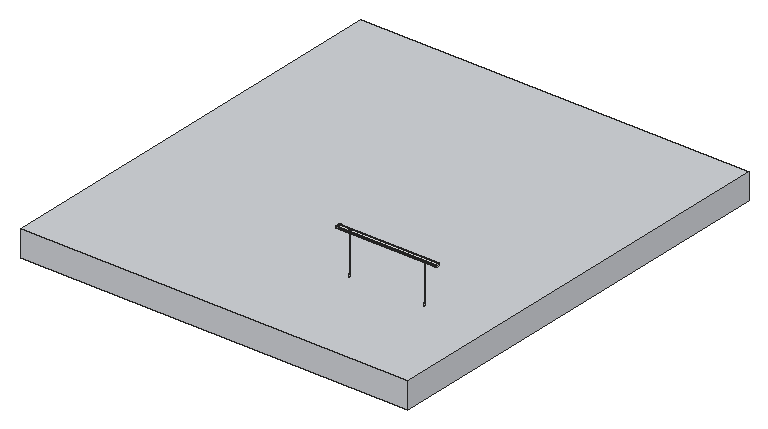
Revit family "ARKOSLIGHT_Divi direct end", category Luminarias, Revit 2019
Family settings
  Anfitrión = Cara
  Cota de conector redondo = Diámetro de uso
  Tipo de pieza = Normal
  Corte con vacíos al cargar = No
  Origen de luz = No
  Compartido = No
  Punto de cálculo de habitación = No
Parameters (values of type "A5380131WT - DIVI DIRECT END 3000K WT")
  User cable length [instance] = 500 mm
  URL = "https://www.arkoslight.com/en/products/divi/?child=dividir"
  Modelo = ARKOSLIGHT_Model  # "DIVI"
  Fabricante = "ARKOSLIGHT"  # constant formula
  IES = IES : A5380131WT - DIVI DIRECT END 3000K WT
  Description = ""
  Cable length [instance] = if(User cable length > 2000 mm, 2000 mm, if(User cable length < 200 mm, 200 mm, User cable length))  # 500 mm
  ARKOSLIGHT_IP = "20"
  ARKOSLIGHT_Series = "DIVI DIRECT MODULE"  # constant formula
  ARKOSLIGHT_Dimming = "No Dim / DALI / Push"
  ARKOSLIGHT_Model = "DIVI"  # constant formula
  ARKOSLIGHT_Reference = "A5380131WT"
  ARKOSLIGHT_Luminous flux = 1650 lm
  ARKOSLIGHT_IES = "A538-01-3-1-WT DIVI DIRECT END 3000K CRI90.ies"
  ARKOSLIGHT_Color = "Textured white"
  ARKOSLIGHT_Cable_Color = ARKOSLIGHT_White
  ARKOSLIGHT_Fixture Type = "CUSTOM SYSTEMS"  # constant formula
  ARKOSLIGHT_Efficiency = "58%"
  ARKOSLIGHT_CCT = 3000 K
  ARKOSLIGHT_CRI = "CRI>90"
  ARKOSLIGHT_Body_Secondary_Color = ARKOSLIGHT_White
  ARKOSLIGHT_Beam Angle = 115.00°
  ARKOSLIGHT_Body_Color = ARKOSLIGHT_Textured white
  Default Elevation = 0 mm
  Carga aparente = ARKOSLIGHT_Apparent Load  # 13.5 VA
  ARKOSLIGHT_Apparent Load = 13.5 VA
Types (2, lengths in mm): name | IES | ARKOSLIGHT_Reference | ARKOSLIGHT_IES | ARKOSLIGHT_Color | ARKOSLIGHT_Cable_Color | ARKOSLIGHT_Efficiency | ARKOSLIGHT_Body_Secondary_Color | ARKOSLIGHT_Body_Color
  A5380131NT - DIVI DIRECT END 3000K NT | IES : A5380131NT - DIVI DIRECT END 3000K NT | "A5380131NT" | "A538-01-3-1-NT DIVI DIRECT END 3000K CRI90.ies" | "Textured black" | ARKOSLIGHT_Black | "51%" | ARKOSLIGHT_Black | ARKOSLIGHT_Textured black
  A5380131WT - DIVI DIRECT END 3000K WT | IES : A5380131WT - DIVI DIRECT END 3000K WT | "A5380131WT" | "A538-01-3-1-WT DIVI DIRECT END 3000K CRI90.ies" | "Textured white" | ARKOSLIGHT_White | "58%" | ARKOSLIGHT_White | ARKOSLIGHT_Textured white
Reference planes
  plane 1 "Center (Front/Back)": y = 0
  plane 2: z = 0
  plane 3 "Center (Left/Right)": x = 0
  plane 4: x = 600
  plane 5: x = -600
  plane 6 "Bottom": z = 500
  plane 7: z = 467.929
  plane 8 "Right connector": x = 448
  plane 9 "Left connector": x = -448
  plane 10: x = -592.835
  plane 11: x = -599.5
  plane 12: x = -597.55
  plane 13: x = 592.8
  plane 14: x = 597.5
  plane 15: x = 599.5
  plane 16: y = 21.9
  plane 17: y = -21.9
  plane 18: x = -594.47
  plane 19: x = 594.47
Forms (mm)
  Extrusion 1, solid
    sketch origin (0, 0, 0) x (1, 0, 0) y (0, 1, 0)
      loop
        line (-3414.25, 3876) -> (-3414.25, -1219.2) -> (1219.2, -1219.2) -> (1219.2, 3876) -> (-3414.25, 3876)
    from 0 to -304.8
  Revolve 2, solid, material "ARKOSLIGHT_Textured white" <- "ARKOSLIGHT_Body_Color"
    sketch origin (-249.517, 0, 1966) x (1, 0, 0) y (0, 0, -1)
      loop
        line (698.717, 1940.969) -> (702.427, 1940.969) -> (702.427, 1966) -> (697.517, 1966) -> (697.517, 1936.471) -> (698.717, 1936.471) -> (698.717, 1940.969)
      axis (697.517, 1936.471) -> (697.517, 1966)
    angle from 0 to 360
  Extrusion 3, solid, material "ARKOSLIGHT_Textured white" <- "ARKOSLIGHT_Body_Color"
    sketch origin (-600, -221.408, 1219.2) x (0, -1, 0) y (0, 0, -1)
      loop
        line (-199.508, 719.2) -> (-199.508, 729.371)
        arc (-199.508, 729.371) -> (-221.408, 751.271) -> (-243.308, 729.371) r 21.9
        line (-243.308, 729.371) -> (-243.308, 719.2) -> (-241.808, 719.2) -> (-241.808, 729.371)
        arc (-241.808, 729.371) -> (-221.408, 749.771) -> (-201.008, 729.371) r 20.4
        line (-201.008, 729.371) -> (-201.008, 719.2) -> (-199.508, 719.2)
    from 0 to 1200
  Extrusion 4, solid, material "ARKOSLIGHT_White" <- "ARKOSLIGHT_Body_Secondary_Color"
    sketch origin (-599.5, -221.408, 1219.2) x (0, -1, 0) y (0, 0, -1)
      loop
        line (-201.308, 719.2) -> (-201.308, 729.371)
        arc (-201.308, 729.371) -> (-221.408, 749.471) -> (-241.508, 729.371) r 20.1
        line (-241.508, 729.371) -> (-241.508, 719.2) -> (-201.308, 719.2)
    from 0 to 1.95
  Extrusion 5, solid, material "ARKOSLIGHT_White" <- "ARKOSLIGHT_Body_Secondary_Color"
    sketch origin (-599.5, -221.408, 1219.2) x (0, -1, 0) y (0, 0, -1)
      loop
        line (-201.318, 719.2) -> (-201.318, 720.552) -> (-241.497, 720.552) -> (-241.497, 719.2) -> (-201.318, 719.2)
    from 0 to 6.665
  Extrusion 6, solid, material "ARKOSLIGHT_White" <- "ARKOSLIGHT_Body_Secondary_Color"
    sketch origin (599.5, -221.408, 1219.2) x (0, -1, 0) y (0, 0, 1)
      loop
        line (-201.308, -719.2) -> (-241.508, -719.2) -> (-241.508, -729.371)
        arc (-241.508, -729.371) -> (-221.408, -749.471) -> (-201.308, -729.371) r 20.1
        line (-201.308, -729.371) -> (-201.308, -719.2)
    from 0 to 2
  Extrusion 7, solid, material "ARKOSLIGHT_White" <- "ARKOSLIGHT_Body_Secondary_Color"
    sketch origin (599.5, -221.408, 1219.2) x (0, -1, 0) y (0, 0, 1)
      loop
        line (-201.318, -719.2) -> (-241.497, -719.2) -> (-241.497, -720.552) -> (-201.318, -720.552) -> (-201.318, -719.2)
    from 0 to 6.7
  Extrusion 8, solid, material "ARKOSLIGHT_Light"
    sketch origin (-594.47, -221.408, 1219.2) x (0, -1, 0) y (0, 0, -1)
      loop
        line (-241.497, 720.787) -> (-201.012, 720.787) -> (-201.012, 722.287) -> (-241.497, 722.287) -> (-241.497, 720.787)
    from 0 to 1188.94
  Extrusion 9, solid, material "ARKOSLIGHT_White" <- "ARKOSLIGHT_Cable_Color"
    sketch origin (0, 0, 0) x (1, 0, 0) y (0, 1, 0)
      loop
        circle (448, 0) r 0.3
    from 29.529 to 467.929
  Revolve 10, void
    sketch origin (-896, 0, 0) x (1, 0, 0) y (0, 0, 1)
      loop
        line (448, 496.913) -> (460.4, 496.913) -> (460.4, 498.413) -> (448, 498.413) -> (448, 496.913)
      axis (448, 496.913) -> (448, 498.413)
    angle from 0 to 360
  Revolve 11, solid, material "ARKOSLIGHT_White"
    sketch origin (-896, 0, 0) x (1, 0, 0) y (0, 0, 1)
      loop
        line (448, 493.02) -> (448, 484.52) -> (461.53, 484.52) -> (461.53, 496.97) -> (458.537, 496.97) -> (458.537, 498.47) -> (457.589, 498.47) -> (457.589, 486.97) -> (453.978, 486.97) -> (453.978, 493.02) -> (448, 493.02)
      axis (448, 484.52) -> (448, 498.47)
    angle from 0 to 360
  Revolve 12, solid, material "ARKOSLIGHT_Textured white" <- "ARKOSLIGHT_Body_Color"
    sketch origin (-1145.517, 0, 1966) x (1, 0, 0) y (0, 0, -1)
      loop
        line (698.717, 1940.969) -> (702.427, 1940.969) -> (702.427, 1966) -> (697.517, 1966) -> (697.517, 1936.471) -> (698.717, 1936.471) -> (698.717, 1940.969)
      axis (697.517, 1936.471) -> (697.517, 1966)
    angle from 0 to 360
  Extrusion 13, solid, material "ARKOSLIGHT_White" <- "ARKOSLIGHT_Cable_Color"
    sketch origin (-896, 0, 0) x (1, 0, 0) y (0, 1, 0)
      loop
        circle (448, 0) r 0.3
    from 29.529 to 467.929
Cuts and joins
  joined: Extrusion 4, Extrusion 5
  Revolve 10 cuts Extrusion 8
  joined: Extrusion 6, Extrusion 7
Dimensions and locks
  locked: plane 5 to plane 4 at 1200
  "Cable length": plane 6 "Bottom" to plane 2
  equal spacing: plane 5, plane 3 "Center (Left/Right)", plane 4
  locked: plane 6 "Bottom" to plane 7 at 32.071
  locked: plane 5 to plane 11 at 0.5
  locked: plane 5 to plane 12 at 2.45
  locked: plane 5 to plane 10 at 7.165
  locked: plane 15 to plane 4 at 0.5
  locked: plane 14 to plane 4 at 2.5
  locked: plane 13 to plane 4 at 7.2
  locked: Revolve 2 sketch curve to plane 2 at 25.031
  locked: Revolve 2 sketch curve to plane 2 at 29.529
  locked: plane 8 "Right connector" to Revolve 2 sketch curve at 1.2
  locked: plane 8 "Right connector" to Revolve 2 sketch curve at 4.91
  equal spacing: plane 17, plane 1 "Center (Front/Back)", plane 16
  locked: plane 16 to plane 17 at 43.8
  locked: plane 17 to Extrusion 3 sketch curve at 1.5
  locked: Extrusion 3 sketch curve to plane 16 at 1.5
  locked: Extrusion 4 sketch curve to plane 16 at 1.8
  locked: plane 17 to Extrusion 4 sketch curve at 1.8
  locked: Extrusion 5 sketch curve to plane 17 at 1.81
  locked: plane 16 to Extrusion 5 sketch curve at 1.81
  locked: plane 6 "Bottom" to Extrusion 5 sketch curve at 1.352
  locked: plane 6 "Bottom" to Extrusion 7 sketch curve at 1.352
  locked: plane 16 to Extrusion 7 sketch curve at 1.81
  locked: Extrusion 7 sketch curve to plane 17 at 1.81
  locked: plane 16 to Extrusion 6 sketch curve at 1.8
  locked: Extrusion 6 sketch curve to plane 17 at 1.8
  locked: Extrusion 8 sketch curve to plane 17 at 1.505
  locked: plane 16 to Extrusion 8 sketch curve at 1.81
  locked: plane 6 "Bottom" to Extrusion 8 sketch curve at 1.587
  locked: plane 6 "Bottom" to Extrusion 8 sketch curve at 3.087
  locked: plane 5 to plane 18 at 5.53
  locked: plane 19 to plane 4 at 5.53
  locked: Extrusion 9 to plane 2 at 29.529
  locked: plane 9 "Left connector" to plane 8 "Right connector" at 896
  equal spacing: plane 9 "Left connector", plane 3 "Center (Left/Right)", plane 8 "Right connector"
  locked: Revolve 10 sketch curve to plane 9 "Left connector" at 12.4
  locked: Revolve 11 sketch curve to plane 9 "Left connector" at 13.53
  locked: Revolve 11 sketch curve to plane 9 "Left connector" at 5.978
  locked: Revolve 11 sketch curve to plane 9 "Left connector" at 9.589
  locked: Revolve 11 sketch curve to plane 9 "Left connector" at 10.537
  locked: Revolve 12 sketch curve to plane 2 at 25.031
  locked: Revolve 12 sketch curve to plane 2 at 29.529
  locked: Extrusion 13 to plane 2 at 29.529
  locked: Revolve 12 sketch curve to plane 9 "Left connector" at 4.91
  locked: Revolve 12 sketch curve to plane 9 "Left connector" at 1.2
  aligned and locked: plane 2 to Extrusion 1
  aligned and locked: level to Extrusion 1
  aligned and locked: plane 8 "Right connector" to Revolve 2 sketch curve
  aligned and locked: Revolve 2 sketch curve to plane 8 "Right connector"
  aligned and locked: plane 17 to Extrusion 3 sketch curve
  aligned and locked: Extrusion 3 sketch curve to plane 16
  aligned and locked: Extrusion 3 sketch curve to plane 6 "Bottom"  (x2)
  aligned and locked: Extrusion 3 to plane 4
  aligned and locked: Extrusion 3 to plane 5
  aligned and locked: Extrusion 4 sketch curve to plane 6 "Bottom"
  aligned and locked: plane 12 to Extrusion 4
  aligned and locked: plane 6 "Bottom" to Extrusion 5 sketch curve
  aligned and locked: plane 10 to Extrusion 5
  aligned and locked: plane 13 to Extrusion 7
  aligned and locked: plane 6 "Bottom" to Extrusion 7 sketch curve
  aligned and locked: plane 14 to Extrusion 6
  aligned and locked: plane 6 "Bottom" to Extrusion 6 sketch curve
  aligned and locked: Extrusion 8 to plane 19
  aligned and locked: plane 1 "Center (Front/Back)" to Extrusion 9 sketch curve
  aligned and locked: plane 7 to Extrusion 9
  aligned and locked: Revolve 10 sketch curve to plane 9 "Left connector"
  aligned and locked: plane 9 "Left connector" to Revolve 10 sketch curve
  aligned and locked: Revolve 11 sketch curve to plane 9 "Left connector"  (x2)
  aligned and locked: Revolve 12 sketch curve to plane 9 "Left connector"
  aligned and locked: plane 9 "Left connector" to Revolve 12 sketch curve
  aligned and locked: plane 7 to Extrusion 13
  aligned and locked: plane 9 "Left connector" to Extrusion 13 sketch curve
  aligned and locked: plane 1 "Center (Front/Back)" to Extrusion 13 sketch curve
Automatic sketch dimensions
  Extrusion 1 sketch curve to Extrusion 1 sketch curve = 4633.45 mm
  Extrusion 1 sketch curve to Extrusion 1 sketch curve = 5095.2 mm
  Revolve 2 sketch curve to level = 0 mm
  Revolve 2 sketch curve to plane 6 "Bottom" = 270.8 mm
  level to Revolve 2 sketch curve = 1448.333 mm
  Extrusion 3 sketch curve to Extrusion 3 sketch curve = 0 mm
  Extrusion 3 sketch curve to Extrusion 3 sketch curve = 10.171 mm
  Extrusion 4 sketch curve to Extrusion 4 sketch curve = 10.171 mm
  Extrusion 6 sketch curve to plane 6 "Bottom" = 10.171 mm
  Extrusion 9 sketch curve to plane 8 "Right connector" = 0 mm
  Revolve 10 sketch curve to plane 6 "Bottom" = 3.087 mm
  Revolve 10 sketch curve to Revolve 10 sketch curve = 1.5 mm
  Revolve 10 sketch curve to level = 304.8 mm
  plane 6 "Bottom" to Revolve 10 sketch curve = 2225.9 mm
  Revolve 11 sketch curve to plane 6 "Bottom" = 15.48 mm
  Revolve 11 sketch curve to Revolve 11 sketch curve = 2.45 mm
  Revolve 11 sketch curve to plane 6 "Bottom" = 6.98 mm
  Revolve 11 sketch curve to plane 6 "Bottom" = 3.03 mm
  Revolve 11 sketch curve to plane 6 "Bottom" = 1.53 mm
  Revolve 11 sketch curve to level = 304.8 mm
  plane 6 "Bottom" to Revolve 11 sketch curve = 2225.9 mm
  Revolve 12 sketch curve to level = 0 mm
  Revolve 12 sketch curve to plane 6 "Bottom" = 270.8 mm
  level to Revolve 12 sketch curve = 1448.333 mm
  radius of Extrusion 9 sketch curve = 0.3 mm
  radius of Extrusion 13 sketch curve = 0.3 mm
Nested families
  nested 1: "IES" at (0, 0, 500) x (-1, 0, 0) z (0, 0, 1), type <- "IES", type "A5380131WT - DIVI DIRECT END 3000K WT"
Connectors
  electrical at (0, 0, 0), driven by "Carga aparente"
    settings: on Extrusion 1, index 1, voltage 230 V, apparent load 0 VA, apparent load phase1 13.5 VA, apparent load phase2 0 VA, apparent load phase3 0 VA, power factor 1, load classification "Lighting", number of poles 1, system type 31, power factor state 1, is connector primary yes, connector utility no, sub classification motor no, connector description ""
Definition of nested family "IES"
  Parameters (values of type "A5380131NT - DIVI DIRECT END 3000K NT")
    Wattage = 11.108 W
    built-in parameter 1150110 = 1 (stored number, unit not read)
    URL = "https://www.arkoslight.com/en/products/divi/?child=dividir"
    built-in parameter 1114217 = 1 (stored number, unit not read)
    built-in parameter 1150109 = 1 (stored number, unit not read)
    built-in parameter 1150134 = 3
    built-in parameter 1150113 = 1 (stored number, unit not read)
    Model = ARKOSLIGHT_Model  # "DIVI"
    Manufacturer = "ARKOSLIGHT"  # constant formula
    built-in parameter 1150105 = 525.21 (stored number, unit not read)
    Lumens = 1650 lm
    built-in parameter 1150115 = 1 (stored number, unit not read)
    Light Source Symbol Size = 50 mm  # constant formula
    built-in parameter 1150137 = (empty or 0)
    built-in parameter 1150139 = (empty or 0)
    built-in parameter 1150112 = 1 (stored number, unit not read)
    built-in parameter 1150114 = 1 (stored number, unit not read)
    built-in parameter 1150132 = 2
    built-in parameter 1150102 = (empty or 0)
    built-in parameter 1150107 = 3000 (stored number, unit not read)
    built-in parameter 1150138 = (empty or 0)
    built-in parameter 1150106 = 5.2521 (stored number, unit not read)
    Emit from Rectangle Width = 40.2 mm  # constant formula
    Emit from Rectangle Length = 1185.6 mm  # constant formula
    Emit Shape Visible in Rendering = no
    built-in parameter 1150104 = 13.8 (stored number, unit not read)
    Dimming Lamp Color Temperature Shift = (empty or 0)
    Description = ""
    Color Filter = 16777215
    built-in parameter 1114218 = 1 (stored number, unit not read)
    built-in parameter 1150133 = 10 (stored number, unit not read)
    ARKOSLIGHT_IP = "20"
    ARKOSLIGHT_Series = "DIVI DIRECT MODULE"  # constant formula
    ARKOSLIGHT_Dimming = "No Dim / DALI / Push"
    ARKOSLIGHT_Model = "DIVI"  # constant formula
    ARKOSLIGHT_Reference = "A5380131NT"
    ARKOSLIGHT_Luminous flux = 1650 lm
    ARKOSLIGHT_IES = "A538-01-3-1-NT DIVI DIRECT END 3000K CRI90.ies"
    ARKOSLIGHT_Fixture Type = "CUSTOM SYSTEMS"  # constant formula
    ARKOSLIGHT_Efficiency = "51%"
    ARKOSLIGHT_CCT = 3000 K
    ARKOSLIGHT_CRI = "CRI>90"
    ARKOSLIGHT_Beam Angle = 115.00°
    Default Elevation = 0 mm
    Apparent Load = ARKOSLIGHT_Apparent Load  # 13.5 VA
    ARKOSLIGHT_Apparent Load = 13.5 VA
  Types (2, lengths in mm): name | ARKOSLIGHT_Reference | ARKOSLIGHT_IES | ARKOSLIGHT_Efficiency
    A5380131NT - DIVI DIRECT END 3000K NT | "A5380131NT" | "A538-01-3-1-NT DIVI DIRECT END 3000K CRI90.ies" | "51%"
    A5380131WT - DIVI DIRECT END 3000K WT | "A5380131WT" | "A538-01-3-1-WT DIVI DIRECT END 3000K CRI90.ies" | "58%"
  Reference planes
    plane 1 "Center (Front/Back)": y = 0
    plane 2: z = 0
    plane 3 "Center (Left/Right)": x = 0
    plane 4: x = 600
    plane 5: x = -600
    plane 6: x = -592.835
    plane 7: x = 592.8
    plane 8: y = 21.9
    plane 9: y = -21.9
    plane 10: y = 20.1
    plane 11: y = -20.1
  Forms (mm)
    Extrusion 1, solid
      sketch origin (0, 0, 0) x (1, 0, 0) y (0, 1, 0)
        loop
          line (-3414.25, 3876) -> (-3414.25, -1219.2) -> (1219.2, -1219.2) -> (1219.2, 3876) -> (-3414.25, 3876)
      from 0 to -304.8
  Dimensions and locks
    locked: plane 5 to plane 4 at 1200
    equal spacing: plane 5, plane 3 "Center (Left/Right)", plane 4
    locked: plane 5 to plane 6 at 7.165
    locked: plane 7 to plane 4 at 7.2
    equal spacing: plane 9, plane 1 "Center (Front/Back)", plane 8
    locked: plane 8 to plane 9 at 43.8
    locked: plane 8 to plane 10 at 1.8
    locked: plane 9 to plane 11 at 1.8
    plane 11 to plane 10 = 40.2 mm
    aligned and locked: plane 2 to Extrusion 1
    aligned and locked: level to Extrusion 1
  Automatic sketch dimensions
    Extrusion 1 sketch curve to Extrusion 1 sketch curve = 4633.45 mm
    Extrusion 1 sketch curve to Extrusion 1 sketch curve = 5095.2 mm
